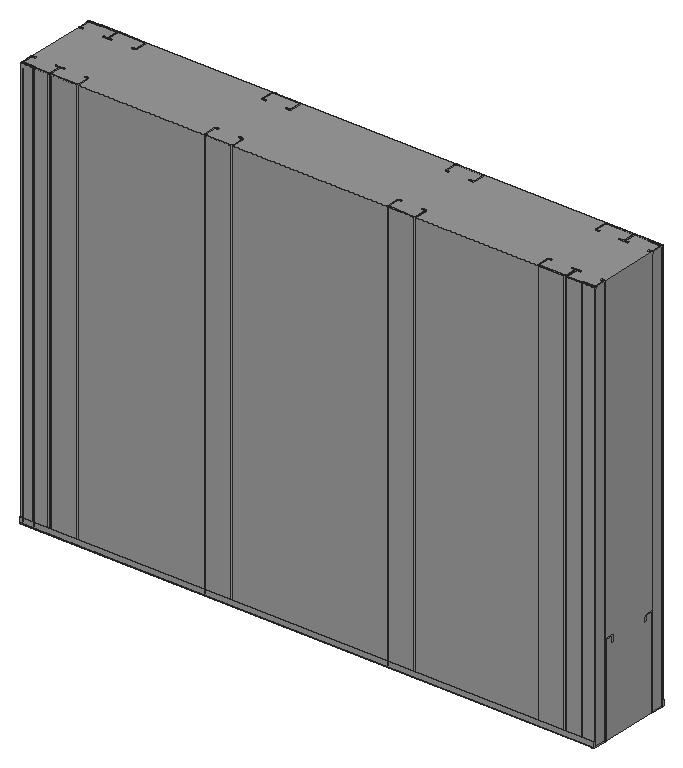
Revit family "1F- Header Panel", category Generic Models, Revit 2019
Family settings
  Can host rebar = No
  Round Connector Dimension = Use Diameter
  Part Type = Normal
  Work Plane-Based = No
  Always vertical = Yes
  Cut with Voids When Loaded = Yes
  Shared = No
  Room Calculation Point = No
Parameters (values of type "7 1/2"")
  tt [instance] = if(Trail Angle < 0.00°, (Header Thickness / sin(90.00° + Trail Angle R)) * sin(-Trail Angle R) + TD, TD)  # 0' - 2"
  tl2 [instance] = if(Angled Lead, if(Lead Angle > 0.00°, TD, (Header Thickness / sin(90.00° + Lead Angle R)) * sin(-Lead Angle R) + tl), TD)  # 0' - 2"
  tl [instance] = if(Angled Lead, if(Lead Angle R > 6.50°, SH, TD), TD)  # 0' - 2"
  tes [instance] = roundup((HL - Initial Stud Spacing - Spacing Interior) / Stud Spacing)  # 2
  stud tl [instance] = if(Lead Angle > 0.00°, if(Angled Lead, if((SH * (tl2 - T Lead)) / Header Thickness < 0' 0", ((T Lead 2 - tl) / Header Thickness) * SH, (SH * (tl2 - T Lead)) / Header Thickness), 0' 0"), if(Angled Lead, tl2 - tl, 0' 0"))  # 0' - 0"
  not Int Array 3 [instance] = and(not(Int Array 3), Point Load, not(Pocket))  # no
  nInterior Arrays [instance] = and(not(Ext Array 1), not(Ext Array 2), not(Ext Array 3))  # no
  nExterior Arrays [instance] = and(not(Ext Array 1), not(Ext Array 2), not(Ext Array 3))  # no
  ZTI [instance] = if(Trail Angle R < 0.00°, 0' 0", (T Trail - TD) / Header Thickness * (ZBT))  # 0' - 0"
  ZTE [instance] = if(Trail Angle R < 0.00°, (tt - TD) / Header Thickness * ZBT, 0' 0")  # 0' - 0"
  ZLI [instance] = if(Lead Angle R > 0.00°, (T Lead - TD) / Header Thickness * (ZBT), 0' 0")  # 0' - 0"
  ZLE [instance] = if(Lead Angle R < 0.00°, (tl2 - TD) / Header Thickness * ZBT, 0' 0")  # 0' - 0"
  ZL Interior [instance] = HL - (T Trail - ZTI - TD) - (T Lead - ZLI - TD) - if(and(Pocket, or(Pocket Start = 0' 0", not(Pocket Start + Pocket Length < HL))), if(Pocket Start = 0' 0", ZBM, Pocket Length), 0' 0")  # 4' - 2 1/8"
  ZL Exterior [instance] = HL - (tt - TD - ZTE) - (tl2 - TD - ZLE)  # 4' - 2 1/8"
  ZBT [instance] = 0' - 1 15/16"  # constant formula
  ZBM [instance] = if(and(Pocket, PIH = RO Install Height, Pocket Start = 0' 0"), Pocket Length, 0' 0")  # 0' - 0"
  Z Bar Height [instance] = 0' - 8"
  Z Bar Gauge [instance] = Z-Bar : 20 Gauge
  Trailing End Female Ledge [instance] = if(Pocket, not(and(Pocket Start = 0' 0", Pocket Length > SS)), 0 = 0)  # yes
  Trailing End Common Ledge [instance] = and(Trailing End Common, if(Pocket, not(and(Pocket Start = 0' 0", Pocket Length > SS)), Trailing End Common))  # yes
  Trailing End Common [instance] = yes
  Trailing Common Comp [instance] = Initial Stud Spacing < 2 * SS  # no
  Trail Angle R [instance] = if(Angled Trail, Trail Angle, 0.00°)  # 0.00°
  Trail Angle [instance] = 0.00°
  TD [instance] = 0' - 2"  # constant formula
  T Trail 2 [instance] = if(Trail Angle > 0.00°, if(Angled Trail, T Trail, TD), if(SH * (T Trail - tt) / Header Thickness < 0' 0", (SH * (tt - T Trail) / Header Thickness) + TD, TD))  # 0' - 2"
  T Trail [instance] = if(Trail Angle > 0.00°, (Header Thickness / sin(90.00° - Trail Angle R)) * sin(Trail Angle R) + TD, TD)  # 0' - 2"
  T Lead [instance] = if(Lead Angle > 0.00°, (Header Thickness / sin(90.00° - Lead Angle R)) * sin(Lead Angle R) + TD, TD)  # 0' - 2"
  T Lead 2 [instance] = if(Angled Lead, if(Lead Angle > 0.00°, if(Angled Lead, T Lead, TD), if(SH * (tl2 - T Lead) / Header Thickness < 0' 0", TD + SH, (SH * (tl2 - T Lead) / Header Thickness) + TD)), TD)  # 0' - 2"
  Stud tt [instance] = if(Trail Angle < 0.00°, if(Angled Trail, tt - T Trail, 0' 0"), if(SH * (tt - T Trail) / Header Thickness < 0' 0", SH * (T Trail - tt) / Header Thickness, 0' 0"))  # 0' - 0"
  Spacing SS [instance] = Header Length - Lead Spacing  # 2' - 10 1/2"
  Spacing Interior [instance] = if(T Lead - TD + 2 * SS > Lead Spacing, Lead Spacing + Stud Spacing, Lead Spacing)  # 1' - 3 5/8"
  Spacing Exterior [instance] = if(tl2 - TD + 2 * SS > Lead Spacing, Lead Spacing + Stud Spacing, Lead Spacing)  # 1' - 3 5/8"
  SS [instance] = 0' - 2 1/2"  # constant formula
  SH [instance] = 0' - 1 3/16"  # constant formula
  RO Install Height [instance] = 6' - 0"
  Stud Spacing [instance] = 1' - 4"
  Stud Count [instance] = if(roundup((HL - Initial Interior Spacing - SS) / Stud Spacing) < 2, 2, roundup((HL - Initial Interior Spacing - SS) / Stud Spacing))  # 2
  Point Load Stud Gauge [instance] = Common Stud : 20 Gauge
  Point Load Start [instance] = 6' - 0"
  Point Load Location [instance] = 0
  Point Load Length [instance] = 0' - 5"
  Point Load [instance] = no
  Pocket Stud Gauge [instance] = Common Stud : 20 Gauge
  Pocket Start [instance] = 0' - 0"
  Pocket Length [instance] = 0' - 7 1/2"
  Pocket Depth [instance] = 0' - 2 1/2"
  Pocket [instance] = no
  Pocket Install Height [instance] = 0' - 0"
  PL Studs [instance] = round(Point Load Length / SS)  # 2
  not Int Array 2 [instance] = and(not(Int Array 2), Point Load, not(Pocket))  # no
  PL Interior [instance] = and(Point Load, not(Point Load Location = 1))  # no
  PL Exterior [instance] = and(Point Load, not(Point Load Location = 0))  # no
  PL Comp Lead [instance] = and(Point Load, Int Array 3 Start - Point Load Start - Point Load Length < Stud Spacing)  # no
  PIH [instance] = if(Pocket, if(Pocket Install Height < RO Install Height, RO Install Height, Pocket Install Height), RO Install Height + Header Panel Height)  # 9' - 0"
  PCK Stud Height [instance] = if(PIH = RO Install Height, Header Panel Height / 2, PIH - RO Install Height)  # 3' - 0"
  PCK Spacing [instance] = if((Pocket Start - Initial Stud Spacing) - rounddown((Pocket Start - Initial Stud Spacing) / Stud Spacing) * Stud Spacing - SS < 0' 0", 0' 0", (Pocket Start - Initial Stud Spacing) - rounddown((Pocket Start - Initial Stud Spacing) / Stud Spacing) * Stud Spacing - SS)  # 0' - 0"
  PCK Shoulder Trail [instance] = and(Pocket, not(Pocket Start < 2 * SS))  # no
  PCK Shoulder Lead [instance] = and(Pocket, not(HL - (Pocket Start + PCK L) < 2 * SS))  # no
  PCK L [instance] = if(roundup(Pocket Length / SS) * SS < 2 * SS, 2 * SS, roundup(Pocket Length / SS) * SS)  # 0' - 7 1/2"
  PCK Array Spacing [instance] = if(Pocket, if(Point Load, if(Point Load Start > Pocket Start, Spacing Interior, Spacing Interior), Spacing Interior), Spacing Interior)  # 1' - 3 5/8"
  PCK Array 3 [instance] = if(roundup((HL - PCK Array 3 Start - PCK Array Spacing) / Stud Spacing) < 2, 2, roundup((HL - PCK Array 3 Start - PCK Array Spacing) / Stud Spacing))  # 2
  PCK Array 2 [instance] = if(roundup((Pocket Start - PCK Array 2 Start) / Stud Spacing) < 2, 2, roundup((Pocket Start - PCK Array 2 Start) / Stud Spacing))  # 2
  PCK Array [instance] = if(PCK L / SS < 2, 2, PCK L / SS)  # 3
  Maximun Dimension [instance] = if(and(Header Length > 4' 0", Header Panel Height > 4' 0"), "Impossible", "Possible")  # "Possible"
  Legde Common Stud Gauge [instance] = Common Stud : 20 Gauge
  Ledge Stud Height [instance] = Header Panel Height - LH  # 3' - 0"
  Ledge Female Stud Gauge [instance] = Female Stud : 20 Gauge
  Leading End Female Ledge [instance] = if(Pocket, not(HL - Pocket Start - Pocket Length < SS), 0 = 0)  # yes
  Leading End Common Ledge [instance] = and(Leading End Common, if(Pocket, not(HL - Pocket Start - Pocket Length < SS * 2), Leading End Common))  # yes
  Lead End Common Comp INT [instance] = Spacing Interior > Stud Spacing + SS  # no
  Lead End Common Comp EXT [instance] = Spacing Exterior > Stud Spacing + SS  # no
  Lead Angle R [instance] = if(Angled Lead, Lead Angle, 0.00°)  # 0.00°
  Lead Angle [instance] = 0.00°
  Interior Array [instance] = if(roundup((HL - Initial Interior Spacing - Spacing Interior) / Stud Spacing) < 2, 2, roundup((HL - Initial Interior Spacing - Spacing Interior) / Stud Spacing))  # 2
  Exterior Array [instance] = if(roundup((HL - Initial Exterior Spacing - Spacing Exterior) / Stud Spacing) < 2, 2, roundup((HL - Initial Exterior Spacing - Spacing Exterior) / Stud Spacing))  # 2
  EZS [instance] = tt - TD - ZTE  # 0' - 0"
  LH [instance] = if(Ledge, if(Ledge Height > Header Panel Height, Header Panel Height - 0' 1", Ledge Height), 0' 0")  # 0' - 0"
  Ledge Depth [instance] = 0' - 3"
  Ledge [instance] = no
  Leading End Common [instance] = yes
  Lead Spacing [instance] = if(HL - SS - (roundup(HL / Stud Spacing) - 1) * Stud Spacing - (Initial Stud Spacing - Stud Spacing) < 2 * SS, HL - SS - (roundup(HL / Stud Spacing) - 1) * Stud Spacing - (Initial Stud Spacing - Stud Spacing) + Stud Spacing, HL - SS - roundup(HL / Stud Spacing - 1) * Stud Spacing - (Initial Stud Spacing - Stud Spacing))  # 1' - 3 5/8"
  Ledge Height [instance] = 1' - 0"
  Interior Z Bar Length [instance] = HL - ((T Trail 2 - TD) + (T Lead 2 - TD)) + ZTI + ZLI  # 4' - 2 1/8"
  Interior Array 3 [instance] = if(roundup((HL - Int Array 3 Start - Spacing Interior - SS) / Stud Spacing) < 2, 2, roundup((HL - Int Array 3 Start - Spacing Interior - SS) / Stud Spacing))  # 2
  Interior Array 2 [instance] = if((Point Load Start - Initial Interior Spacing - SS) / Stud Spacing < 2, 2, (Point Load Start - Initial Interior Spacing - SS) / Stud Spacing)  # 3
  Int PCK Array 3 [instance] = and(Pocket, not(PIH = RO Install Height))  # no
  Int PCK Array 2 [instance] = and(Pocket, not(PIH = RO Install Height))  # no
  Int PCK Array 1 [instance] = and(Pocket, not(PIH = RO Install Height))  # no
  Int Array 3 Start [instance] = if(roundup((Point Load Start + Point Load Length) / Stud Spacing) * Stud Spacing + (Initial Stud Spacing - Stud Spacing) < Point Load Start + Point Load Length, roundup((Point Load Start + Point Load Length) / Stud Spacing) * Stud Spacing + (Initial Stud Spacing - Stud Spacing) + Stud Spacing, roundup((Point Load Start + Point Load Length) / Stud Spacing) * Stud Spacing + (Initial Stud Spacing - Stud Spacing))  # 6' - 8"
  Int Array 2 [instance] = or(and(Point Load, not(Pocket), not(Point Load Start < (Initial Stud Spacing + Stud Spacing))), and(Pocket, Point Load))  # no
  Int Array 3 [instance] = or(and(Point Load, not((Int Array 3 Start - (Spacing Interior + SS)) < Stud Spacing), not(Pocket Start > Point Load Start)), and(Point Load, not(Pocket)))  # no
  Int Array 1 [instance] = or(not(Point Load), Initial Interior Spacing + SS + Spacing Interior + Stud Spacing < Header Length, and(Pocket, (Pocket Start - SS > Initial Interior Spacing)))  # yes
  Initial Interior Spacing [instance] = if(Stud tt + 2 * SS > Initial Stud Spacing, Initial Stud Spacing + Stud Spacing, Initial Stud Spacing)  # 1' - 4"
  Initial Exterior Spacing [instance] = if((T Trail 2 - TD) + 2 * SS > Initial Stud Spacing, Initial Stud Spacing + Stud Spacing, Initial Stud Spacing)  # 1' - 4"
  IZS [instance] = T Trail - TD - ZTI  # 0' - 0"
  IS Interior [instance] = if(Point Load, if(and(Point Load Start < Initial Stud Spacing + SS, Point Load Start > Initial Stud Spacing - SS), if(Initial Stud Spacing < Point Load Start, Point Load Start - SS, Point Load Start + Point Load Length), Initial Stud Spacing), Initial Stud Spacing)  # 1' - 4"
  I Angle T [instance] = -Trail Angle R  # 0.00°
  I Angle L [instance] = -Lead Angle R  # 0.00°
  Header Length [instance] = 4' - 2 1/8"
  Header Thickness = 0' - 7 1/2"
  Header Panel Height [instance] = 3' - 0"
  Initial Stud Spacing [instance] = 1' - 4"
  HL [instance] = if(Header Panel Height > 4' 0", if(Header Length > 4' 0", 4' 0", Header Length), if(Header Length > 12' 0", 12' 0", Header Length))  # 4' - 2 1/8"
  Foam Density [instance] = 1.5
  Female Studs Gauge [instance] = Female Stud : 20 Gauge
  Exterior Z Bar Length [instance] = HL - (stud tl + Stud tt) + ZTE + ZLE  # 4' - 2 1/8"
  Exterior Array Spacing [instance] = if((Point Load Start - Initial Stud Spacing) - rounddown((Point Load Start - Initial Stud Spacing) / Stud Spacing) * Stud Spacing - SS < 0' 0", 0' 0", (Point Load Start - Initial Stud Spacing) - rounddown((Point Load Start - Initial Stud Spacing) / Stud Spacing) * Stud Spacing - SS)  # 0' - 5 1/2"
  Exterior Array 3 [instance] = Interior Array 3  # 2
  Exterior Array 2 [instance] = Interior Array 2  # 3
  Ext Array 3 [instance] = and(Point Load, not(Point Load Location = 0))  # no
  Ext Array 2 [instance] = and(Point Load, not(Point Load Location = 0))  # no
  Ext Array 1 [instance] = or(and(not(Point Load), Initial Exterior Spacing + SS + Spacing Exterior < Header Length), and(Point Load, Point Load Location = 0))  # yes
  Double Stud Step [instance] = 6' - 8"
  Double Stud Start [instance] = 2' - 6"
  Double Stud Number [instance] = 2
  Double Stud Array [instance] = no
  Comp Lead Exterior [instance] = and(Spacing Exterior > Lead Spacing, Spacing Exterior + SS - (stud tl + 2 * SS) > Stud Spacing)  # no
  Common Studs Gauge [instance] = Common Stud : 20 Gauge
  Int Array 2 Spacing [instance] = if(Point Load Start - rounddown(Point Load Start / Stud Spacing) * Stud Spacing + (Stud Spacing - IS Interior - SS) < 2 * SS, 2 * SS, Point Load Start - rounddown(Point Load Start / Stud Spacing) * Stud Spacing + (Stud Spacing - IS Interior - SS))  # 0' - 5 1/2"
  CSLI [instance] = T Lead 2 + SS  # 0' - 4 1/2"
  PCK Array 2 Start [instance] = if(Pocket, if(Point Load, if(and(Point Load Start > Pocket Start), Initial Interior Spacing, if(Pocket Start - Point Load Start + Point Load Length > Stud Spacing + SS, roundup((Point Load Start + Point Load Length) / Stud Spacing) * Stud Spacing + (Initial Stud Spacing - Stud Spacing), Point Load Start + Point Load Length + SS)), Initial Interior Spacing), Initial Interior Spacing)  # 1' - 4"
  PCK Array 3 Start [instance] = if(and(Point Load, Point Load Start > Pocket Start), Int Array 3 Start, if(roundup((Pocket Start + PCK L) / Stud Spacing) * Stud Spacing + (Initial Interior Spacing - Stud Spacing) < Pocket Start + PCK L, roundup((Pocket Start + PCK L) / Stud Spacing) * Stud Spacing + (Initial Interior Spacing - Stud Spacing) + Stud Spacing, roundup((Pocket Start + PCK L) / Stud Spacing) * Stud Spacing + (Initial Interior Spacing - Stud Spacing)))  # 1' - 4"
  Angled Trail [instance] = no
  Angled Lead [instance] = no
Types (4): name | tes | ZL Interior | ZL Exterior | Spacing SS | Spacing Interior | Spacing Exterior | RO Install Height | Stud Count | Point Load Start | Point Load Length | Pocket Start | Pocket Length | Pocket Depth | Pocket Install Height | PL Studs | PIH | PCK Stud Height | PCK Spacing | PCK L | PCK Array Spacing | PCK Array 3 | PCK Array 2 | PCK Array | Ledge Stud Height | Interior Array | Exterior Array | Lead Spacing | Ledge Height | Interior Z Bar Length | Interior Array 3 | Interior Array 2 | Int Array 3 Start | Initial Interior Spacing | Initial Exterior Spacing | IS Interior | Header Length | Header Thickness | Header Panel Height | Initial Stud Spacing | HL | Female Studs Gauge | Exterior Z Bar Length | Exterior Array Spacing | Exterior Array 3 | Exterior Array 2 | Double Stud Step | Double Stud Start | Int Array 2 Spacing | PCK Array 2 Start | PCK Array 3 Start
  5 1/2" | 4 | 6' - 0" | 6' - 0" | 5' - 6 1/2" | 0' - 5 1/2" | 0' - 5 1/2" | 5' - 0" | 4 | 0' - 6" | 0' - 5" | 2' - 0" | 0' - 0" | 0' - 3 3/4" | 8' - 10.62518" | 2 | 9' - 0" | 4' - 0" | 0' - 5 1/2" | 0' - 5" | 0' - 5 1/2" | 3 | 2 | 2 | 4' - 0" | 4 | 4 | 0' - 5 1/2" | 2' - 0" | 6' - 0" | 3 | 2 | 1' - 4" | 1' - 4" | 1' - 4" | 1' - 4" | 6' - 0" | 0' - 7 1/2" | 4' - 0" | 1' - 4" | 6' - 0" | Female Stud : 16 Gauge | 6' - 0" | 0' - 3 1/2" | 3 | 2 | 6' - 8" | 1' - 9" | 0' - 5" | 1' - 4" | 2' - 8"
  7 1/2" | 2 | 4' - 2 1/8" | 4' - 2 1/8" | 2' - 10 1/2" | 1' - 3 5/8" | 1' - 3 5/8" | 6' - 0" | 2 | 6' - 0" | 0' - 5" | 0' - 0" | 0' - 7 1/2" | 0' - 2 1/2" | 0' - 0" | 2 | 9' - 0" | 3' - 0" | 0' - 0" | 0' - 7 1/2" | 1' - 3 5/8" | 2 | 2 | 3 | 3' - 0" | 2 | 2 | 1' - 3 5/8" | 1' - 0" | 4' - 2 1/8" | 2 | 3 | 6' - 8" | 1' - 4" | 1' - 4" | 1' - 4" | 4' - 2 1/8" | 0' - 7 1/2" | 3' - 0" | 1' - 4" | 4' - 2 1/8" | Female Stud : 20 Gauge | 4' - 2 1/8" | 0' - 5 1/2" | 2 | 3 | 6' - 8" | 2' - 6" | 0' - 5 1/2" | 1' - 4" | 1' - 4"
  9 1/4" | 4 | 6' - 0" | 6' - 0" | 5' - 6 1/2" | 0' - 5 1/2" | 0' - 5 1/2" | 8' - 0" | 4 | 0' - 6" | 0' - 5" | 2' - 0" | 0' - 0" | 0' - 3 3/4" | 8' - 10.62518" | 2 | 10' - 0" | 2' - 0" | 0' - 5 1/2" | 0' - 5" | 0' - 5 1/2" | 3 | 2 | 2 | 2' - 0" | 4 | 4 | 0' - 5 1/2" | 1' - 0" | 6' - 0" | 3 | 2 | 1' - 4" | 1' - 4" | 1' - 4" | 1' - 4" | 6' - 0" | 0' - 9 1/4" | 2' - 0" | 1' - 4" | 6' - 0" | Female Stud : 20 Gauge | 6' - 0" | 0' - 3 1/2" | 3 | 2 | 6' - 8" | 1' - 9" | 0' - 5" | 1' - 4" | 2' - 8"
  11 1/4" | 4 | 6' - 0" | 6' - 0" | 5' - 2 1/2" | 0' - 9 1/2" | 0' - 9 1/2" | 10' - 0" | 4 | 7' - 0" | 0' - 7 1/2" | 4' - 6" | 0' - 6" | 0' - 3 3/4" | 11' - 0" | 3 | 12' - 0" | 2' - 0" | 0' - 7 1/2" | 0' - 7 1/2" | 0' - 9 1/2" | 2 | 3 | 3 | 2' - 0" | 4 | 4 | 0' - 9 1/2" | 0' - 0" | 6' - 0" | 2 | 4 | 7' - 8" | 1' - 0" | 1' - 0" | 1' - 0" | 6' - 0" | 0' - 11 1/4" | 2' - 0" | 1' - 0" | 6' - 0" | Female Stud : 20 Gauge | 6' - 0" | 0' - 5 1/2" | 2 | 4 | 4' - 0" | 4' - 0" | 0' - 5 1/2" | 1' - 0" | 6' - 4"
Reference planes (in)
  plane 1 "Center (Front/Back)": y = 0
  plane 2: z = 0
  plane 3 "Center (Left/Right)": x = 0
  plane 4 "Tail Edge": x = -25.0625
  plane 5 "Lead Edge": x = 25.0625
  plane 6 "T/O Panel": z = 108
  plane 7 "U/S of Header": z = 72
  plane 8: y = 3.75
  plane 9: y = -3.75
  plane 10: x = 9.4375
  plane 11: x = -22.5625
  plane 12 "Initial Stud Spacing Exterior": x = -60
  plane 13 "Center L/T": z = 108
  plane 14 "Center L/U": z = 109
  plane 15 "Ledge Depth": y = 0.75
  plane 16: x = 46.9375
  plane 17: x = 51.9375
  plane 18 "Initial Stud Spacing Interior": x = -9.0625
  plane 19 "Interior Spacing": x = 9.4375
  plane 20: x = -27.0625
  plane 21: x = 27.0625
  plane 22: x = -25.0625
  plane 23: x = -25.0625
  plane 24: x = 25.0625
  plane 25: x = 25.0625
  plane 26: x = -22.5625
  plane 27: x = 22.5625
  plane 28: x = -9.0625
  plane 29: x = -25.0625
  plane 30: x = 22.5625
  plane 31: x = 25.0625
  plane 32: x = -9.0625
  plane 33: x = 41.4375
  plane 34: x = 54.9375
  plane 35 "PCK START": x = -25.0625
  plane 36 "PCK L": x = -17.5625
  plane 37: x = -9.0625
  plane 38: x = 9.4375
  plane 39 "Intial Exterior Spacing": x = -25.0625
  plane 40: x = 3.9375
  plane 41 "Exterior Spacing": x = 9.4375
  plane 42: x = -25.0625
  plane 43: x = -9.0625
  plane 44: x = 25.0625
  plane 45 "EZS": x = -25.0625
  plane 46: x = 20.0625
  plane 47: x = 4.9375
  plane 48: x = 84.9375
  plane 49: x = 16
  plane 50: x = 9.4375
  plane 51: y = 1.25
  plane 52 "Center L/V": z = 108
  plane 53: x = 4.0625
  plane 54: x = 84.0625
  plane 55: x = -20.0625
  plane 56 "Z BAR Mover": x = -25.0625
Forms (in)
  Extrusion 1, solid, material "EPS 2"
    sketch origin (0, 0, 0) x (1, 0, 0) y (0, 1, 0)
      loop
        line (-25.0625, 3.75) -> (-25.0625, -3.75) -> (25.0625, -3.75) -> (25.0625, 3.75) -> (-25.0625, 3.75)
    from 72 to 108
  Extrusion 2, void
    sketch origin (0, 0, 0) x (1, 0, 0) y (0, 1, 0)
      loop
        line (-25.0625, 3.75) -> (-25.0625, 0.75) -> (25.0625, 0.75) -> (25.0625, 3.75) -> (-25.0625, 3.75)
    from 108 to 109
  Extrusion 3, void
    sketch origin (0, 0, 0) x (1, 0, 0) y (0, 1, 0)
      loop
        line (-27.0625, 3.75) -> (-27.0625, -3.75) -> (-25.0625, -3.75) -> (-25.0625, 3.75) -> (-27.0625, 3.75)
    from 72 to 109
  Extrusion 4, void
    sketch origin (-5.875, 0, 0) x (1, 0, 0) y (0, 1, 0)
      loop
        line (32.9375, 3.75) -> (30.9375, 3.75) -> (30.9375, -3.75) -> (32.9375, -3.75) -> (32.9375, 3.75)
    from 72 to 109
  Extrusion 5, void
    sketch origin (0, 0, 0) x (1, 0, 0) y (0, 1, 0)
      loop
        line (-25.0625, 3.75) -> (-25.0625, 1.25) -> (-17.5625, 1.25) -> (-17.5625, 3.75) -> (-25.0625, 3.75)
    from 108 to 109
Cuts and joins
  Extrusion 2, Extrusion 3, Extrusion 4, Extrusion 5 cuts Extrusion 1
Dimensions and locks (in)
  "Header Panel Height": plane 6 "T/O Panel" to plane 7 "U/S of Header"
  "HL": plane 4 "Tail Edge" to plane 5 "Lead Edge"
  equal spacing: plane 4 "Tail Edge", plane 3 "Center (Left/Right)", plane 5 "Lead Edge"  (x2)
  equal spacing: plane 9, plane 1 "Center (Front/Back)", plane 8
  "Header Thickness": plane 9 to plane 8
  "RO Install Height": plane 7 "U/S of Header" to plane 2
  plane 4 "Tail Edge" to plane 5 "Lead Edge" = 4' - 2 1/8"
  "Lead Spacing": plane 10 to plane 5 "Lead Edge"
  group 1 to group 2 = 1' - 4"
  group 1 to group 2 = 0' - 0"  (x2)
  locked: plane 6 "T/O Panel" to plane 14 "Center L/U" at 1
  "LH": plane 13 "Center L/T" to plane 6 "T/O Panel"
  "Ledge Depth": plane 15 "Ledge Depth" to plane 8
  "Point Load Start": plane 4 "Tail Edge" to plane 16
  "Point Load Length": plane 16 to plane 17
  group 3 to group 4 = 0' - 2 1/2"
  group 3 to group 4 = 0' - 0"  (x2)
  "IS Interior": plane 4 "Tail Edge" to plane 18 "Initial Stud Spacing Interior"
  "Spacing Interior": plane 19 "Interior Spacing" to plane 5 "Lead Edge"
  "TD": plane 20 to plane 4 "Tail Edge"
  "T Trail": Extrusion 3 sketch curve to Extrusion 3 sketch curve
  "tt": Extrusion 3 sketch curve to Extrusion 3 sketch curve
  "TD": plane 5 "Lead Edge" to plane 21
  "T Lead": Extrusion 4 sketch curve to Extrusion 4 sketch curve
  "tl2": Extrusion 4 sketch curve to Extrusion 4 sketch curve
  "T Trail 2": plane 20 to plane 22
  "T Lead 2": plane 24 to plane 21
  "stud tl": plane 25 to plane 5 "Lead Edge"
  locked: plane 22 to plane 11 at 2.5
  locked: plane 27 to plane 25 at 2.5
  "Stud tt": plane 4 "Tail Edge" to plane 23
  locked: plane 23 to plane 26 at 2.5
  "ZLI": plane 24 to plane 31
  "Initial Interior Spacing": plane 4 "Tail Edge" to plane 32
  "Int Array 2 Spacing": plane 33 to plane 16
  group 6 to group 5 = 4' - 0"
  group 5 to group 6 = 0' - 0"  (x2)
  "Int Array 3 Start": plane 4 "Tail Edge" to plane 34
  group 7 to group 8 = 1' - 4"
  group 7 to group 8 = 0' - 0"
  group 8 to group 7 = 0' - 0"
  group 9 to group 10 = 0' - 2 1/2"
  group 9 to group 10 = 0' - 0"
  group 10 to group 9 = 0' - 0"
  "PCK Array 2 Start": plane 4 "Tail Edge" to plane 37
  "PCK L": plane 35 "PCK START" to plane 36 "PCK L"
  "PCK Array Spacing": plane 38 to plane 5 "Lead Edge"
  group 11 to group 12 = 1' - 4"
  group 11 to group 12 = 0' - 0"  (x2)
  "Pocket Start": plane 4 "Tail Edge" to plane 35 "PCK START"
  equal spacing: group 13, group 23, group 14  (x3)
  "Exterior Array Spacing": plane 40 to plane 38
  group 16 to group 15 = 4' - 0"
  group 15 to group 16 = 0' - 0"  (x2)
  "Spacing Exterior": plane 41 "Exterior Spacing" to plane 5 "Lead Edge"
  "PCK Spacing": plane 42 to plane 35 "PCK START"
  "PCK Array 3 Start": plane 4 "Tail Edge" to plane 43
  "ZTE": plane 4 "Tail Edge" to plane 39 "Intial Exterior Spacing"
  "ZLE": plane 44 to plane 5 "Lead Edge"
  "IZS": plane 4 "Tail Edge" to plane 29
  "EZS": plane 4 "Tail Edge" to plane 45 "EZS"
  "CSLI": plane 30 to plane 21
  equal spacing: group 18, group 21, group 17
  equal spacing: group 17, group 21, group 18  (x2)
  equal spacing: group 20, group 22, group 19
  equal spacing: group 19, group 22, group 20  (x2)
  "SS": plane 46 to plane 27
  "Initial Exterior Spacing": plane 4 "Tail Edge" to plane 28
  "Double Stud Start": plane 4 "Tail Edge" to plane 47
  "Double Stud Step": plane 47 to plane 48
  plane 45 "EZS" to nested 31 = 1' - 5 1/4"
  "Spacing Interior": plane 50 to plane 5 "Lead Edge"
  "PIH": plane 52 "Center L/V" to plane 2
  "Pocket Depth": plane 51 to plane 8
  nested 6 to nested 9 = 1' - 1 1/2"
  locked: plane 53 to plane 47 at 0.875
  locked: plane 54 to plane 48 at 0.875
  locked: plane 4 "Tail Edge" to plane 55 at 5
  "ZBM": plane 4 "Tail Edge" to plane 56 "Z BAR Mover"
  aligned and locked: plane 2 to level
  aligned and locked: plane 4 "Tail Edge" to Extrusion 1
  aligned and locked: Extrusion 1 to plane 5 "Lead Edge"
  aligned and locked: plane 6 "T/O Panel" to Extrusion 1
  aligned and locked: plane 7 "U/S of Header" to Extrusion 1
  aligned and locked: plane 8 to nested 1
  aligned and locked: plane 8 to nested 3
  aligned and locked: plane 9 to nested 4
  aligned and locked: nested 2 to plane 9
  aligned and locked: plane 8 to nested 5
  aligned and locked: nested 6 to plane 9
  aligned and locked: plane 9 to nested 7
  aligned and locked: plane 8 to nested 10
  aligned and locked: nested 6 to plane 7 "U/S of Header"
  aligned and locked: plane 7 "U/S of Header" to nested 7
  aligned and locked: nested 2 to plane 7 "U/S of Header"
  aligned and locked: plane 7 "U/S of Header" to nested 4
  aligned and locked: plane 7 "U/S of Header" to nested 1
  aligned and locked: nested 3 to plane 7 "U/S of Header"
  aligned and locked: plane 7 "U/S of Header" to nested 5
  aligned and locked: plane 4 "Tail Edge" to Extrusion 2
  aligned and locked: Extrusion 2 to plane 5 "Lead Edge"
  aligned and locked: Extrusion 2 to plane 8
  aligned and locked: plane 15 "Ledge Depth" to Extrusion 2
  aligned and locked: Extrusion 2 to plane 14 "Center L/U"
  aligned and locked: Extrusion 2 to plane 13 "Center L/T"
  aligned and locked: nested 10 to plane 7 "U/S of Header"
  aligned and locked: nested 8 to plane 7 "U/S of Header"
  aligned and locked: cut or joined group of Extrusion 1, Extrusion 2, Extrusion 3, Extrusion 4, Extrusion 5 to plane 8
  aligned and locked: plane 8 to nested 8
  aligned and locked: Extrusion 3 sketch curve to plane 8
  aligned and locked: plane 9 to Extrusion 3 sketch curve
  aligned and locked: Extrusion 3 sketch curve to plane 20
  aligned and locked: plane 8 to Extrusion 4 sketch curve
  aligned and locked: Extrusion 4 sketch curve to plane 9
  aligned and locked: Extrusion 4 sketch curve to plane 21
  aligned and locked: nested 3 to plane 22
  aligned and locked: nested 6 to plane 26
  aligned and locked: plane 24 to nested 1
  aligned and locked: nested 7 to plane 27
  aligned and locked: nested 2 to plane 25
  aligned and locked: plane 23 to nested 4
  aligned and locked: plane 9 to nested 9
  aligned and locked: nested 14 to plane 33
  aligned and locked: plane 34 to nested 13
  aligned and locked: plane 9 to nested 16
  aligned and locked: plane 17 to nested 18
  aligned and locked: plane 38 to nested 20
  aligned and locked: plane 35 "PCK START" to nested 21
  aligned and locked: nested 22 to plane 36 "PCK L"
  aligned and locked: plane 17 to nested 12
  aligned and locked: nested 25 to plane 41 "Exterior Spacing"
  aligned and locked: plane 8 to nested 21
  aligned and locked: plane 8 to nested 22
  aligned and locked: plane 8 to nested 19
  aligned and locked: plane 8 to nested 20
  aligned and locked: plane 8 to nested 15
  aligned and locked: plane 8 to nested 13
  aligned and locked: plane 9 to nested 23
  aligned and locked: plane 9 to nested 17
  aligned and locked: plane 9 to nested 18
  aligned and locked: plane 9 to nested 24
  aligned and locked: plane 9 to nested 25
  aligned and locked: nested 28 to plane 35 "PCK START"
  aligned and locked: nested 19 to plane 43
  aligned and locked: nested 11 to plane 16
  aligned and locked: nested 17 to plane 16
  aligned and locked: plane 33 to nested 23
  aligned and locked: nested 24 to plane 34
  aligned and locked: plane 8 to nested 14
  aligned and locked: nested 26 to plane 9
  aligned and locked: nested 12 to plane 8
  aligned and locked: nested 11 to plane 8
  aligned and locked: plane 36 "PCK L" to nested 30
  aligned and locked: plane 8 to nested 28
  aligned and locked: plane 8 to nested 30
  aligned and locked: plane 8 to nested 29
  aligned and locked: nested 29 to plane 30
  aligned and locked: plane 7 "U/S of Header" to nested 23
  aligned and locked: plane 7 "U/S of Header" to cut or joined group of Extrusion 1, Extrusion 2, Extrusion 3, Extrusion 4, Extrusion 5
  aligned and locked: plane 7 "U/S of Header" to nested 18
  aligned and locked: plane 7 "U/S of Header" to nested 24
  aligned and locked: nested 28 to plane 7 "U/S of Header"
  aligned and locked: plane 7 "U/S of Header" to nested 25
  aligned and locked: nested 14 to plane 7 "U/S of Header"
  aligned and locked: plane 7 "U/S of Header" to nested 11
  aligned and locked: plane 7 "U/S of Header" to nested 16
  aligned and locked: nested 20 to plane 7 "U/S of Header"
  aligned and locked: nested 19 to plane 7 "U/S of Header"
  aligned and locked: nested 30 to plane 7 "U/S of Header"
  aligned and locked: plane 7 "U/S of Header" to nested 27
  aligned and locked: nested 26 to plane 7 "U/S of Header"
  aligned and locked: Extrusion 3 to Extrusion 2
  aligned and locked: plane 7 "U/S of Header" to Extrusion 3
  aligned and locked: Extrusion 4 to Extrusion 2
  aligned and locked: plane 7 "U/S of Header" to Extrusion 4
  aligned and locked: plane 14 "Center L/U" to Extrusion 4
  aligned and locked: nested 31 to plane 37
  aligned and locked: plane 8 to nested 32
  aligned and locked: plane 9 to cut or joined group of Extrusion 1, Extrusion 2, Extrusion 3, Extrusion 4, Extrusion 5
  aligned and locked: plane 38 to nested 15
  aligned and locked: plane 7 "U/S of Header" to nested 31
  aligned and locked: nested 32 to plane 7 "U/S of Header"
  aligned and locked: nested 13 to plane 7 "U/S of Header"
  aligned and locked: nested 15 to plane 7 "U/S of Header"
  aligned and locked: nested 33 to plane 42
  aligned and locked: nested 33 to plane 8
  aligned and locked: plane 7 "U/S of Header" to nested 33
  aligned and locked: plane 17 to nested 34
  aligned and locked: plane 8 to nested 34
  aligned and locked: plane 9 to nested 31
  aligned and locked: plane 28 to nested 9
  aligned and locked: plane 11 to nested 5
  aligned and locked: plane 37 to nested 32
  aligned and locked: nested 34 to plane 7 "U/S of Header"
  aligned and locked: plane 32 to nested 8
  aligned and locked: plane 32 to nested 35
  aligned and locked: plane 8 to nested 35
  aligned and locked: plane 9 to nested 36
  aligned and locked: plane 28 to nested 36
  aligned and locked: plane 7 "U/S of Header" to nested 36
  aligned and locked: nested 35 to plane 7 "U/S of Header"
  aligned and locked: nested 10 to plane 50
  aligned and locked: plane 8 to Extrusion 5 sketch curve
  aligned and locked: Extrusion 5 to plane 35 "PCK START"
  aligned and locked: plane 14 "Center L/U" to Extrusion 5
  aligned and locked: plane 52 "Center L/V" to Extrusion 5
  aligned and locked: plane 36 "PCK L" to Extrusion 5
  aligned and locked: plane 51 to Extrusion 5
  aligned and locked: nested 16 to plane 41 "Exterior Spacing"
  aligned and locked: plane 8 to nested 37
  aligned and locked: nested 37 to plane 46
  aligned and locked: nested 38 to plane 46
  aligned and locked: plane 9 to nested 38
  aligned and locked: nested 38 to plane 52 "Center L/V"
  aligned and locked: plane 52 "Center L/V" to nested 37
  aligned and locked: plane 7 "U/S of Header" to nested 41
  aligned and locked: nested 42 to plane 7 "U/S of Header"
  aligned and locked: nested 42 to plane 9
  aligned and locked: nested 41 to plane 8
  aligned and locked: plane 55 to nested 42
  aligned and locked: nested 41 to plane 55
  aligned and locked: plane 7 "U/S of Header" to nested 9
  aligned and locked: plane 7 "U/S of Header" to nested 17
  aligned and locked: plane 7 "U/S of Header" to nested 12
  aligned and locked: nested 29 to plane 7 "U/S of Header"
  aligned and locked: nested 21 to plane 7 "U/S of Header"
  aligned and locked: nested 22 to plane 7 "U/S of Header"
  aligned and locked: plane 56 "Z BAR Mover" to nested 27
Automatic sketch dimensions
  Extrusion 1 sketch curve to plane 4 "Tail Edge" = 0' - 0"
  Extrusion 1 sketch curve to plane 5 "Lead Edge" = 0' - 0"
  plane 9 to Extrusion 1 sketch curve = 0' - 0"
  plane 8 to Extrusion 1 sketch curve = 0' - 0"
  Extrusion 2 sketch curve to plane 1 "Center (Front/Back)" = 0' - 0 3/4"
  plane 4 "Tail Edge" to Extrusion 2 sketch curve = 0' - 0"
  Extrusion 2 sketch curve to plane 5 "Lead Edge" = 0' - 0"
  Extrusion 2 sketch curve to plane 8 = 0' - 0"
  Extrusion 5 sketch curve to plane 1 "Center (Front/Back)" = 0' - 1 1/4"
  Extrusion 5 sketch curve to plane 12 "Initial Stud Spacing Exterior" = 2' - 10 15/16"
  Extrusion 5 sketch curve to Extrusion 5 sketch curve = 0' - 7 1/2"
Nested families (in)
  nested 1: "Female Stud" at (23.8125, 3.15551, 108) x (1, 0, 0) z (0, 0, -1), Height_x <- "Ledge Stud Height", type <- "Ledge Female Stud Gauge", visible <- "Leading End Female Ledge", type "20 Gauge"
    with Height_x 3' - 0", Stud Height 3' - 0"
  nested 2: "Female Stud" at (23.8125, -3.15551, 108) x (1, 0, 0) z (0, 0, -1), Height_x <- "Header Panel Height", type <- "Female Studs Gauge", type "20 Gauge"
    with Height_x 3' - 0", Exterior Face yes, Stud Height 3' - 0"
  nested 3: "Female Stud" at (-23.8125, 3.15551, 108) x (-1, 0, 0) z (0, 0, -1), Height_x <- "Ledge Stud Height", type <- "Ledge Female Stud Gauge", visible <- "Trailing End Female Ledge", type "20 Gauge"
    with Height_x 3' - 0", Stud Height 3' - 0", Exterior Face yes
  nested 4: "Female Stud" at (-23.8125, -3.15551, 108) x (-1, 0, 0) z (0, 0, -1), Height_x <- "Header Panel Height", type <- "Female Studs Gauge", type "20 Gauge"
    with Height_x 3' - 0", Exterior Face yes, Stud Height 3' - 0"
  nested 5: "Common Stud" at (-21.3125, 3.15625, 108) x (1, 0, 0) z (0, 0, -1), Height_x <- "Ledge Stud Height", type <- "Legde Common Stud Gauge", visible <- "Trailing End Common Ledge", type "20 Gauge"
    with Height_x 3' - 0"
  nested 6: "Common Stud" at (-21.3125, -3.15625, 108) x (1, 0, 0) z (0, 0, -1), Height_x <- "Header Panel Height", type <- "Common Studs Gauge", visible <- "Trailing End Common", type "20 Gauge"
    with Height_x 3' - 0", Exterior Face yes
  nested 7: "Common Stud" at (21.3125, -3.15625, 108) x (-1, 0, 0) z (0, 0, -1), Height_x <- "Header Panel Height", type <- "Common Studs Gauge", visible <- "Leading End Common", type "20 Gauge"
    with Height_x 3' - 0", Exterior Face yes
  nested 8: "Common Stud" at (-7.8125, 3.15625, 108) x (-1, 0, 0) z (0, 0, -1), Height_x <- "Ledge Stud Height", type <- "Common Studs Gauge", visible <- "Int Array 1", type "20 Gauge"
    with Height_x 3' - 0", Exterior Face yes
  nested 9: "Common Stud" at (-7.8125, -3.15625, 108) x (-1, 0, 0) z (0, 0, -1), Height_x <- "Header Panel Height", type <- "Common Studs Gauge", visible <- "Ext Array 1", type "20 Gauge"
    with Height_x 3' - 0", Exterior Face yes
  nested 10: "Common Stud" at (8.1875, 3.15625, 108) x (-1, 0, 0) z (0, 0, -1), Height_x <- "Ledge Stud Height", type <- "Common Studs Gauge", visible <- "Int Array 1", type "20 Gauge"
    with Height_x 3' - 0", Exterior Face yes
  nested 11: "Common Stud" at (48.1875, 3.15625, 108) x (1, 0, 0) z (0, 0, -1), Height_x <- "Ledge Stud Height", type <- "Point Load Stud Gauge", visible <- "PL Interior", type "20 Gauge"
    with Height_x 3' - 0"
  nested 12: "Common Stud" at (50.6875, 3.15625, 108) x (1, 0, 0) z (0, 0, -1), Height_x <- "Ledge Stud Height", type <- "Point Load Stud Gauge", visible <- "PL Interior", type "20 Gauge"
    with Height_x 3' - 0"
  nested 13: "Common Stud" at (56.1875, 3.15625, 108) x (-1, 0, 0) z (0, 0, -1), Height_x <- "Ledge Stud Height", type <- "Legde Common Stud Gauge", visible <- "Int Array 3", type "20 Gauge"
    with Height_x 3' - 0", Exterior Face yes
  nested 14: "Common Stud" at (40.1875, 3.15625, 108) x (-1, 0, 0) z (0, 0, -1), Height_x <- "Ledge Stud Height", type <- "Legde Common Stud Gauge", visible <- "Int Array 2", type "20 Gauge"
    with Height_x 3' - 0", Exterior Face yes
  nested 15: "Common Stud" at (8.1875, 3.15625, 108) x (-1, 0, 0) z (0, 0, -1), Height_x <- "Ledge Stud Height", type <- "Legde Common Stud Gauge", visible <- "Int Array 3", type "20 Gauge"
    with Height_x 3' - 0", Exterior Face yes
  nested 16: "Common Stud" at (8.1875, -3.15625, 108) x (-1, 0, 0) z (0, 0, -1), Height_x <- "Header Panel Height", type <- "Common Studs Gauge", visible <- "Ext Array 1", type "20 Gauge"
    with Height_x 3' - 0", Exterior Face yes
  nested 17: "Common Stud" at (48.1875, -3.15625, 108) x (-1, 0, 0) z (0, 0, -1), Height_x <- "Header Panel Height", type <- "Common Studs Gauge", visible <- "PL Exterior", type "20 Gauge"
    with Height_x 3' - 0", Exterior Face yes
  nested 18: "Common Stud" at (50.6875, -3.15625, 108) x (-1, 0, 0) z (0, 0, -1), Height_x <- "Header Panel Height", type <- "Common Studs Gauge", visible <- "PL Exterior", type "20 Gauge"
    with Height_x 3' - 0", Exterior Face yes
  nested 19: "Common Stud" at (-7.8125, 3.15625, 108) x (-1, 0, 0) z (0, 0, -1), Height_x <- "Ledge Stud Height", type <- "Legde Common Stud Gauge", visible <- "Int PCK Array 3", type "20 Gauge"
    with Height_x 3' - 0", Exterior Face yes
  nested 20: "Common Stud" at (8.1875, 3.15625, 108) x (-1, 0, 0) z (0, 0, -1), Height_x <- "Ledge Stud Height", type <- "Legde Common Stud Gauge", visible <- "Int PCK Array 3", type "20 Gauge"
    with Height_x 3' - 0", Exterior Face yes
  nested 21: "Common Stud" at (-23.8125, 3.15625, 108) x (-1, 0, 0) z (0, 0, -1), Height_x <- "PCK Stud Height", type <- "Pocket Stud Gauge", visible <- "Int PCK Array 1", type "20 Gauge"
    with Height_x 3' - 0", Exterior Face yes
  nested 22: "Common Stud" at (-18.8125, 3.15625, 108) x (-1, 0, 0) z (0, 0, -1), Height_x <- "PCK Stud Height", type <- "Pocket Stud Gauge", visible <- "Int PCK Array 1", type "20 Gauge"
    with Height_x 3' - 0", Exterior Face yes
  nested 23: "Common Stud" at (40.1875, -3.15625, 108) x (-1, 0, 0) z (0, 0, -1), Height_x <- "Header Panel Height", type <- "Common Studs Gauge", visible <- "Ext Array 2", type "20 Gauge"
    with Height_x 3' - 0", Exterior Face yes
  nested 24: "Common Stud" at (56.1875, -3.15625, 108) x (-1, 0, 0) z (0, 0, -1), Height_x <- "Header Panel Height", type <- "Common Studs Gauge", visible <- "Ext Array 3", type "20 Gauge"
    with Height_x 3' - 0", Exterior Face yes
  nested 25: "Common Stud" at (8.1875, -3.15625, 108) x (-1, 0, 0) z (0, 0, -1), Height_x <- "Header Panel Height", type <- "Common Studs Gauge", visible <- "Ext Array 3", type "20 Gauge"
    with Height_x 3' - 0", Exterior Face yes
  nested 26: "Z-Bar" at (0, -2.5625, 72), Lead Angle <- "Lead Angle R", Trail Angle <- "Trail Angle R", Height_x <- "Z Bar Height", Length <- "ZL Exterior", type <- "Z Bar Gauge", type "20 Gauge"
    with ZBT 0' - 2 1/32", ZBARLEN 4' - 2 1/8", Vertical Angle T 0.00°, Vertical Angle L 0.00°, Trail Angle 0.00°, TI 0' - 1", TE 0' - 1", TD 0' - 1", T VT 0' - 1", T VB 0' - 1", built-in parameter 1001569 4' - 2 1/8", LenCorrection T 0' - 0", LenCorrection L 0' - 0", Lead Angle 0.00°, LI 0' - 1", LE 0' - 1", L VT 0' - 1", L BT 0' - 1", Height_x 0' - 8"
  nested 27: "Z-Bar" at (0, 2.53125, 72), Lead Angle <- "I Angle L", Trail Angle <- "I Angle T", Height_x <- "Z Bar Height", Length <- "ZL Interior", type <- "Z Bar Gauge", type "20 Gauge"
    with ZBT 0' - 2 1/32", ZBARLEN 4' - 2 1/8", Vertical Angle T 0.00°, Vertical Angle L 0.00°, Trail Angle 0.00°, TI 0' - 1", TE 0' - 1", TD 0' - 1", T VT 0' - 1", T VB 0' - 1", built-in parameter 1001569 4' - 2 1/8", LenCorrection T 0' - 0", LenCorrection L 0' - 0", Lead Angle 0.00°, LI 0' - 1", LE 0' - 1", L VT 0' - 1", L BT 0' - 1", Height_x 0' - 8"
  nested 28: "Common Stud" at (-26.3125, 3.15625, 108) x (-1, 0, 0) z (0, 0, -1), Height_x <- "Ledge Stud Height", type <- "Legde Common Stud Gauge", visible <- "PCK Shoulder Trail", type "20 Gauge"
    with Height_x 3' - 0", Exterior Face yes
  nested 29: "Common Stud" at (21.3125, 3.15625, 108) x (-1, 0, 0) z (0, 0, -1), Height_x <- "Ledge Stud Height", type <- "Legde Common Stud Gauge", visible <- "Leading End Common Ledge", type "20 Gauge"
    with Height_x 3' - 0", Exterior Face yes
  nested 30: "Common Stud" at (-16.3125, 3.15625, 108) x (-1, 0, 0) z (0, 0, -1), Height_x <- "Ledge Stud Height", type <- "Legde Common Stud Gauge", visible <- "PCK Shoulder Lead", type "20 Gauge"
    with Height_x 3' - 0", Exterior Face yes
  nested 31: "Common Stud" at (-7.8125, -3.15625, 108) x (-1, 0, 0) z (0, 0, -1), Height_x <- "Header Panel Height", type <- "Common Studs Gauge", visible <- "Ext Array 2", type "20 Gauge"
    with Height_x 3' - 0", Exterior Face yes
  nested 32: "Common Stud" at (-7.8125, 3.15625, 108) x (-1, 0, 0) z (0, 0, -1), Height_x <- "Ledge Stud Height", type <- "Legde Common Stud Gauge", visible <- "Int Array 2", type "20 Gauge"
    with Height_x 3' - 0", Exterior Face yes
  nested 33: "Common Stud" at (-23.8125, 3.15625, 108) x (1, 0, 0) z (0, 0, -1), Height_x <- "Ledge Stud Height", type <- "Legde Common Stud Gauge", visible <- "not Int Array 2", type "20 Gauge"
    with Height_x 3' - 0"
  nested 34: "Common Stud" at (53.1875, 3.15625, 108) x (-1, 0, 0) z (0, 0, -1), Height_x <- "Ledge Stud Height", type <- "Legde Common Stud Gauge", visible <- "PL Comp Lead", type "20 Gauge"
    with Height_x 3' - 0", Exterior Face yes
  nested 35: "Common Stud" at (-7.8125, 3.15625, 108) x (-1, 0, 0) z (0, 0, -1), Height_x <- "Ledge Stud Height", type <- "Common Studs Gauge", visible <- "nInterior Arrays", type "20 Gauge"
    with Height_x 3' - 0", Exterior Face yes
  nested 36: "Common Stud" at (-7.8125, -3.15625, 108) x (-1, 0, 0) z (0, 0, -1), Height_x <- "Header Panel Height", type <- "Common Studs Gauge", visible <- "nExterior Arrays", type "20 Gauge"
    with Height_x 3' - 0"
  nested 37: "Common Stud" at (18.8125, 3.15625, 108) x (-1, 0, 0) z (0, 0, -1), Height_x <- "PCK Stud Height", type <- "Legde Common Stud Gauge", visible <- "Lead End Common Comp INT", type "20 Gauge"
    with Height_x 3' - 0", Exterior Face yes
  nested 38: "Common Stud" at (18.8125, -3.15625, 108) x (-1, 0, 0) z (0, 0, -1), Height_x <- "PCK Stud Height", type <- "Common Studs Gauge", visible <- "Lead End Common Comp EXT", type "20 Gauge"
    with Height_x 3' - 0", Exterior Face yes
  nested 39: "Common Stud" at (16.1875, -3.15625, 108) x (-1, 0, 0) z (0, 0, -1), Height_x <- "Header Panel Height", type <- "Common Studs Gauge", visible <- "Ext Array 2", type "20 Gauge"
    with Height_x 3' - 0", Exterior Face yes
  nested 40: "Common Stud" at (16.1875, 3.15625, 108) x (-1, 0, 0) z (0, 0, -1), Height_x <- "Ledge Stud Height", type <- "Legde Common Stud Gauge", visible <- "Int Array 2", type "20 Gauge"
    with Height_x 3' - 0", Exterior Face yes
  nested 41: "Common Stud" at (-18.8125, 3.15625, 108) x (1, 0, 0) z (0, 0, -1), Height_x <- "Ledge Stud Height", type <- "Legde Common Stud Gauge", visible <- "Trailing Common Comp", type "20 Gauge"
    with Height_x 3' - 0"
  nested 42: "Common Stud" at (-18.8125, -3.15625, 108) x (1, 0, 0) z (0, 0, -1), Height_x <- "Header Panel Height", type <- "Common Studs Gauge", visible <- "Trailing Common Comp", type "20 Gauge"
    with Height_x 3' - 0", Exterior Face yes
  nested 43: "Common Stud" at (-21.3125, 3.15625, 108) x (-1, 0, 0) z (0, 0, -1), Height_x <- "PCK Stud Height", type <- "Pocket Stud Gauge", visible <- "Int PCK Array 1", type "20 Gauge"
    with Height_x 3' - 0", Exterior Face yes
Definition of nested family "Female Stud"
  Parameters (values of type "20 Gauge")
    Width_x = 0' - 2 1/2"
    Stud Height [instance] = 12' - 0"
    Height_x [instance] = 12' - 0"
    Exterior Face [instance] = no
    Depth = 0' - 1.18898"
    Default Elevation = 4' - 0"
  Types (2): name | Exterior Face
    16 Gauge | yes
    20 Gauge | no
  Reference planes (in)
    plane 1 "Center (Front/Back)": y = 0
    plane 2: z = 0
    plane 3 "Center (Left/Right)": x = 0
    plane 4: y = 0.59449
    plane 5: y = -0.59449
    plane 6: x = -1.25
    plane 7: x = 1.25
    plane 8: z = 144
  Forms (in)
    Extrusion 1, solid
      sketch origin (0, 0, 0) x (1, 0, 0) y (0, 1, 0)
        loop
          arc (-1.19488, 0.48425) -> (-1.17874, 0.52323) -> (-1.13976, 0.53937) r 0.05512
          line (-1.13976, 0.53937) -> (-0.88092, 0.53937) -> (-0.88092, 0.59449) -> (-1.14569, 0.59449)
          arc (-1.14569, 0.59449) -> (-1.21945, 0.56394) -> (-1.25, 0.49017) r 0.10431
          line (-1.25, 0.49017) -> (-1.25, -0.4887)
          arc (-1.25, -0.4887) -> (-1.21901, -0.5635) -> (-1.14421, -0.59449) r 0.10579
          line (-1.14421, -0.59449) -> (0.1543, -0.59449) -> (0.19289, -0.49336) -> (1.17205, -0.49336)
          arc (1.17205, -0.49336) -> (1.22717, -0.47052) -> (1.25, -0.4154) r 0.07795
          line (1.25, -0.4154) -> (1.25, 0.49291)
          arc (1.25, 0.49291) -> (1.22025, 0.56474) -> (1.14843, 0.59449) r 0.10157
          line (1.14843, 0.59449) -> (0.89862, 0.59449) -> (0.89862, 0.53937) -> (1.13976, 0.53937)
          arc (1.13976, 0.53937) -> (1.17874, 0.52323) -> (1.19488, 0.48425) r 0.05512
          line (1.19488, 0.48425) -> (1.19488, -0.38312)
          arc (1.19488, -0.38312) -> (1.17874, -0.42209) -> (1.13976, -0.43824) r 0.05512
          line (1.13976, -0.43824) -> (0.15222, -0.43824) -> (0.11363, -0.53937) -> (-1.13976, -0.53937)
          arc (-1.13976, -0.53937) -> (-1.17874, -0.52323) -> (-1.19488, -0.48425) r 0.05512
          line (-1.19488, -0.48425) -> (-1.19488, 0.48425)
      from 0 to 144
  Dimensions and locks (in)
    equal spacing: plane 6, plane 3 "Center (Left/Right)", plane 7
    equal spacing: plane 4, plane 1 "Center (Front/Back)", plane 5
    "Width_x": plane 6 to plane 7
    "Depth": plane 4 to plane 5
    Extrusion 1 sketch curve to Extrusion 1 sketch curve = 0' - 0.05512"  (x6)
    "Height_x": plane 8 to level
    "Stud Height": plane 8 to level
    aligned and locked: plane 2 to level
    aligned and locked: Extrusion 1 sketch curve to plane 6
    aligned and locked: Extrusion 1 sketch curve to plane 4
    aligned and locked: plane 4 to Extrusion 1 sketch curve
    aligned and locked: plane 7 to Extrusion 1 sketch curve
    aligned and locked: Extrusion 1 sketch curve to plane 5
    aligned and locked: plane 8 to Extrusion 1
  Automatic sketch dimensions
    Extrusion 1 sketch curve to Extrusion 1 sketch curve = 0' - 0.0492"
    Extrusion 1 sketch curve to Extrusion 1 sketch curve = 0' - 0.05067"
    Extrusion 1 sketch curve to Extrusion 1 sketch curve = 0' - 0.00592"
    Extrusion 1 sketch curve to Extrusion 1 sketch curve = 0' - 0.00444"
    Extrusion 1 sketch curve to Extrusion 1 sketch curve = 0' - 0.25884"
    plane 3 "Center (Left/Right)" to Extrusion 1 sketch curve = 0' - 0.11363"
    Extrusion 1 sketch curve to Extrusion 1 sketch curve = 0' - 0.03859"
    Extrusion 1 sketch curve to Extrusion 1 sketch curve = 0' - 0.04067"  (x2)
    Extrusion 1 sketch curve to Extrusion 1 sketch curve = 0' - 0.29626"
    Extrusion 1 sketch curve to Extrusion 1 sketch curve = 0' - 0.05512"  (x2)
    Extrusion 1 sketch curve to Extrusion 1 sketch curve = 0' - 0.00866"
    Extrusion 1 sketch curve to Extrusion 1 sketch curve = 0' - 0.03228"
    Extrusion 1 sketch curve to Extrusion 1 sketch curve = 0' - 0.04601"
Definition of nested family "Common Stud"
  Parameters (values of type "16 Gauge")
    Width_x = 0' - 2 1/2"
    Stud Height [instance] = 12' - 0"
    Height_x [instance] = 12' - 0"
    Exterior Face [instance] = no
    Depth = 0' - 1 3/16"
    Default Elevation = 4' - 0"
  Types (2): name | Exterior Face
    16 Gauge | no
    20 gauge | yes
  Reference planes (in)
    plane 1 "Center (Front/Back)": y = 0
    plane 2: z = 0
    plane 3 "Center (Left/Right)": x = 0
    plane 4: x = -1.25
    plane 5: x = 1.25
    plane 6: y = 0.59375
    plane 7: y = -0.59375
    plane 8: z = 144
  Forms (in)
    Extrusion 1, solid
      sketch origin (0, 0, 0) x (1, 0, 0) y (0, 1, 0)
        loop
          line (-1.25, 0.45324) -> (-1.25, -0.44536)
          arc (-1.25, -0.44536) -> (-1.20654, -0.55029) -> (-1.10161, -0.59375) r 0.14839
          line (-1.10161, -0.59375) -> (1.1563, -0.59375)
          arc (1.1563, -0.59375) -> (1.22256, -0.56631) -> (1.25, -0.50005) r 0.0937
          line (1.25, -0.50005) -> (1.25, 0.50005)
          arc (1.25, 0.50005) -> (1.22256, 0.56631) -> (1.1563, 0.59375) r 0.0937
          line (1.1563, 0.59375) -> (0.9065, 0.59375) -> (0.9065, 0.56225) -> (1.15591, 0.56225)
          arc (1.15591, 0.56225) -> (1.20017, 0.54392) -> (1.2185, 0.49966) r 0.0626
          line (1.2185, 0.49966) -> (1.2185, -0.49966)
          arc (1.2185, -0.49966) -> (1.20017, -0.54392) -> (1.15591, -0.56225) r 0.0626
          line (1.15591, -0.56225) -> (-1.10122, -0.56225)
          arc (-1.10122, -0.56225) -> (-1.18415, -0.5279) -> (-1.2185, -0.44497) r 0.11729
          line (-1.2185, -0.44497) -> (-1.2185, 0.45284)
          arc (-1.2185, 0.45284) -> (-1.18646, 0.53021) -> (-1.10909, 0.56225) r 0.10941
          line (-1.10909, 0.56225) -> (-0.85968, 0.56225) -> (-0.85968, 0.59375) -> (-1.10949, 0.59375)
          arc (-1.10949, 0.59375) -> (-1.20884, 0.55259) -> (-1.25, 0.45324) r 0.14051
      from 0 to 144
  Dimensions and locks (in)
    Extrusion 1 sketch curve to Extrusion 1 sketch curve = 0' - 0.0315"  (x5)
    equal spacing: plane 4, plane 3 "Center (Left/Right)", plane 5
    equal spacing: plane 6, plane 1 "Center (Front/Back)", plane 7
    "Depth": plane 6 to plane 7
    "Width_x": plane 4 to plane 5
    "Height_x": plane 8 to plane 2
    aligned and locked: plane 2 to level
    aligned and locked: Extrusion 1 sketch curve to plane 6  (x2)
    aligned and locked: Extrusion 1 sketch curve to plane 5
    aligned and locked: Extrusion 1 sketch curve to plane 7
    aligned and locked: plane 4 to Extrusion 1 sketch curve
    aligned and locked: plane 8 to Extrusion 1
  Automatic sketch dimensions
    Extrusion 1 sketch curve to plane 4 = 0' - 0.14051"
    Extrusion 1 sketch curve to Extrusion 1 sketch curve = 0' - 0.00039"  (x5)
    Extrusion 1 sketch curve to plane 4 = 0' - 0.14839"
    Extrusion 1 sketch curve to Extrusion 1 sketch curve = 0' - 0.24941"
    Extrusion 1 sketch curve to Extrusion 1 sketch curve = 0' - 0.31201"
    Extrusion 1 sketch curve to Extrusion 1 sketch curve = 0' - 0.0626"  (x2)
Definition of nested family "Z-Bar"
  Parameters (values of type "16 Gauge")
    ZBT [instance] = 0' - 2 1/32"  # constant formula
    ZBARLEN [instance] = Length + LenCorrection L + LenCorrection T  # 8' - 0"
    Z-Bar Length [instance] = 8' - 0"
    Vertical Angle T [instance] = 0.00°
    Vertical Angle L [instance] = 0.00°
    Trail Angle [instance] = 0.00°
    TI [instance] = if(Trail Angle > 0.00°, (ZBT / sin(90.00° - Trail Angle) * sin(Trail Angle)) + TD, TD)  # 0' - 1"
    TE [instance] = if(Trail Angle < 0.00°, (ZBT / sin(90.00° + Trail Angle) * sin(-Trail Angle)) + TD, TD)  # 0' - 1"
    TD [instance] = 0' - 1"  # constant formula
    T VT [instance] = if(Vertical Angle T > 0.00°, Height_x / (sin(90.00° - Vertical Angle T)) * sin(Vertical Angle T) + TD, TD)  # 0' - 1"
    T VB [instance] = if(Vertical Angle T < 0.00°, Height_x / (sin(90.00° + Vertical Angle T)) * sin(-Vertical Angle T) + TD, TD)  # 0' - 1"
    Length [instance] = 8' - 0"
    LenCorrection T [instance] = if(0' 0 1/16" / sin(90.00° + Lead Angle) * sin(-Lead Angle) < 0' 0", 0' 0 1/16" / sin(Lead Angle) * sin(90.00° - Lead Angle), 0' 0 1/16" / sin(90.00° + Lead Angle) * sin(-Lead Angle))  # 0' - 0"
    LenCorrection L [instance] = if(0' 0 1/16" / sin(90.00° + Lead Angle) * sin(-Lead Angle) < 0' 0", 0' 0 1/16" / sin(Lead Angle) * sin(90.00° - Lead Angle), 0' 0 1/16" / sin(90.00° + Lead Angle) * sin(-Lead Angle))  # 0' - 0"
    Lead Angle [instance] = 0.00°
    LI [instance] = if(Lead Angle > 0.00°, (ZBT / sin(90.00° - Lead Angle) * sin(Lead Angle)) + TD, TD)  # 0' - 1"
    LE [instance] = if(Lead Angle < 0.00°, (ZBT / sin(90.00° + Lead Angle) * sin(-Lead Angle)) + TD, TD)  # 0' - 1"
    L VT [instance] = if(Vertical Angle L > 0.00°, Height_x / (sin(90.00° - Vertical Angle L)) * sin(Vertical Angle L) + TD, TD)  # 0' - 1"
    L BT [instance] = if(Vertical Angle L < 0.00°, Height_x / (sin(90.00° + Vertical Angle L)) * sin(-Vertical Angle L) + TD, TD)  # 0' - 1"
    Height_x [instance] = 0' - 10"
    Default Elevation = 4' - 0"
  Types (2): name
    16 Gauge
    20 Gauge
  Reference planes (in)
    plane 1 "Center (Front/Back)": y = 0
    plane 2: z = 0
    plane 3 "Center (Left/Right)": x = 0
    plane 4: y = 0.75
    plane 5: y = -1.28125
    plane 6 "Height": z = 10
    plane 7 "End": x = 48
    plane 8 "Start": x = -48
    plane 9 "Center L/S": x = -49
    plane 10: y = 0.78125
    plane 11: y = -1.25
    plane 12 "Center L/T": z = -0.1875
    plane 13 "Center L/U": x = 49
    plane 14 "Center L/V": x = 48
    plane 15 "Center L/W": x = -48
    plane 16: z = -0.0625
    plane 17: z = 9.9375
  Forms (in)
    Extrusion 1, solid
      sketch origin (48, 0.03125, 0) x (0, 0, -1) y (0, -1, 0)
        loop
          arc (-9.9375, -0.6875) -> (-9.91919, -0.73169) -> (-9.875, -0.75) r 0.0625
          line (-9.875, -0.75) -> (-9.4375, -0.75) -> (-9.4375, -0.6875) -> (-9.84375, -0.6875)
          arc (-9.84375, -0.6875) -> (-9.86585, -0.67835) -> (-9.875, -0.65625) r 0.03125
          line (-9.875, -0.65625) -> (-9.875, -0.0625)
          arc (-9.875, -0.0625) -> (-9.86585, -0.0404) -> (-9.84375, -0.03125) r 0.03125
          line (-9.84375, -0.03125) -> (0, -0.03125)
          arc (0, -0.03125) -> (0.04419, -0.01294) -> (0.0625, 0.03125) r 0.0625
          line (0.0625, 0.03125) -> (0.0625, 1.21875)
          arc (0.0625, 1.21875) -> (0.04419, 1.26294) -> (0, 1.28125) r 0.0625
          line (0, 1.28125) -> (-0.4375, 1.28125) -> (-0.4375, 1.21875) -> (-0.03125, 1.21875)
          arc (-0.03125, 1.21875) -> (-0.00915, 1.2096) -> (0, 1.1875) r 0.03125
          line (0, 1.1875) -> (0, 0.0625)
          arc (0, 0.0625) -> (-0.00915, 0.0404) -> (-0.03125, 0.03125) r 0.03125
          line (-0.03125, 0.03125) -> (-9.875, 0.03125)
          arc (-9.875, 0.03125) -> (-9.91919, 0.01294) -> (-9.9375, -0.03125) r 0.0625
          line (-9.9375, -0.03125) -> (-9.9375, -0.6875)
      from 0 to 96 <- "ZBARLEN"
    Extrusion 2, void
      sketch origin (4.9302, 4.14199, 0) x (1, 0, 0) y (0, 1, 0)
        loop
          line (-53.9302, -3.36074) -> (-53.9302, -5.39199) -> (-52.9302, -5.39199) -> (-52.9302, -3.36074) -> (-53.9302, -3.36074)
      from -0.1875 to 10
    Extrusion 3, void
      sketch origin (0, 0, 0) x (1, 0, 0) y (0, 1, 0)
        loop
          line (49, 0.78125) -> (48, 0.78125) -> (48, -1.25) -> (49, -1.25) -> (49, 0.78125)
      from -0.1875 to 10
    Extrusion 4, void
      sketch origin (0, 0, 0) x (1, 0, 0) y (0, 0, 1)
        loop
          line (49, -0.0625) -> (49, 9.9375) -> (48, 9.9375) -> (48, -0.0625) -> (49, -0.0625)
      from -0.78125 to 1.25
    Extrusion 5, void
      sketch origin (0, 0, 0) x (1, 0, 0) y (0, 0, 1)
        loop
          line (-49, -0.0625) -> (-48, -0.0625) -> (-48, 9.9375) -> (-49, 9.9375) -> (-49, -0.0625)
      from -0.78125 to 1.25
  Cuts and joins
    Extrusion 2, Extrusion 3, Extrusion 4, Extrusion 5 cuts Extrusion 1
  Dimensions and locks (in)
    "Height_x": plane 6 "Height" to plane 2
    plane 4 to plane 1 "Center (Front/Back)" = 0' - 0 3/4"
    equal spacing: plane 8 "Start", plane 3 "Center (Left/Right)", plane 7 "End"
    "TI": Extrusion 2 sketch curve to Extrusion 2 sketch curve
    "TE": Extrusion 2 sketch curve to Extrusion 2 sketch curve
    "TD": plane 9 "Center L/S" to plane 8 "Start"
    plane 10 to cut or joined group of Extrusion 1, Extrusion 2, Extrusion 3, Extrusion 4, Extrusion 5 = 0' - 0"
    locked: level to plane 12 "Center L/T" at 0.1875
    "TD": plane 7 "End" to plane 13 "Center L/U"
    "LI": Extrusion 3 sketch curve to Extrusion 3 sketch curve
    "LE": Extrusion 3 sketch curve to Extrusion 3 sketch curve
    "ZBT": plane 11 to plane 10
    plane 15 "Center L/W" to plane 14 "Center L/V" = 8' - 0"
    plane 8 "Start" to plane 15 "Center L/W" = 0' - 0"
    plane 14 "Center L/V" to plane 7 "End" = 0' - 0"
    "LenCorrection L": plane 14 "Center L/V" to plane 7 "End"
    "Length": plane 15 "Center L/W" to plane 14 "Center L/V"
    "LenCorrection T": plane 8 "Start" to plane 15 "Center L/W"
    plane 16 to plane 2 = 0' - 0 1/16"
    plane 17 to plane 6 "Height" = 0' - 0 1/16"
    "L BT": Extrusion 4 sketch curve to Extrusion 4 sketch curve
    "L VT": Extrusion 4 sketch curve to Extrusion 4 sketch curve
    "T VT": Extrusion 5 sketch curve to Extrusion 5 sketch curve
    "T VB": Extrusion 5 sketch curve to Extrusion 5 sketch curve
    aligned and locked: plane 2 to level
    aligned and locked: plane 9 "Center L/S" to Extrusion 2 sketch curve
    aligned and locked: plane 13 "Center L/U" to Extrusion 3 sketch curve
    aligned and locked: Extrusion 3 sketch curve to plane 11
    aligned and locked: plane 10 to Extrusion 3 sketch curve
    aligned and locked: Extrusion 3 to plane 12 "Center L/T"
    aligned and locked: plane 13 "Center L/U" to Extrusion 4 sketch curve
    aligned and locked: Extrusion 4 sketch curve to plane 17
    aligned and locked: plane 16 to Extrusion 4 sketch curve
    aligned and locked: Extrusion 5 sketch curve to plane 9 "Center L/S"
    aligned and locked: Extrusion 5 sketch curve to plane 16
    aligned and locked: plane 17 to Extrusion 5 sketch curve
  Automatic sketch dimensions
    plane 4 to Extrusion 1 sketch curve = 0' - 0 1/32"
    plane 5 to Extrusion 1 sketch curve = 0' - 0 1/32"
    Extrusion 1 sketch curve to level = 0' - 0"  (x3)
    level to Extrusion 1 sketch curve = 0' - 0 1/32"  (x2)
    Extrusion 1 sketch curve to Extrusion 1 sketch curve = 0' - 0 13/32"
    Extrusion 1 sketch curve to plane 6 "Height" = 0' - 0 9/16"
    Extrusion 1 sketch curve to plane 1 "Center (Front/Back)" = 0' - 0 1/16"  (x2)
    Extrusion 1 sketch curve to plane 6 "Height" = 0' - 0 5/32"  (x2)
    Extrusion 1 sketch curve to plane 4 = 0' - 0 1/32"
    Extrusion 1 sketch curve to Extrusion 1 sketch curve = 0' - 0 1/32"  (x4)
    plane 1 "Center (Front/Back)" to Extrusion 1 sketch curve = 0' - 0"  (x2)
    plane 11 to Extrusion 2 sketch curve = 0' - 0"
    plane 10 to Extrusion 2 sketch curve = 0' - 0"
